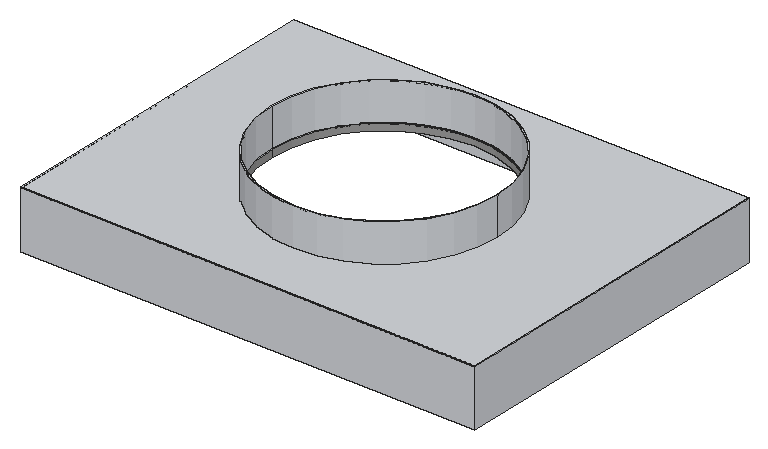
Revit family "TR", category Mechanical Equipment, Revit 2015
Parameters
  Width ID = 2' - 0"
  URL = "https://unitedenertech.com/catalog/pdf/I_1%20MODEL%20TR,%20TR-2,%20DSC-L.pdf"
  Type Comments = "Consult Factory for Max. Sizes"
  Sound Lined (TR-L) = yes
  Radius O [instance] = Diameter OD / 2  # 0' - 6"
  Radius I [instance] = Radius O - 0' 0 1/32"  # 0' - 5 31/32"
  Model = "TR / TR-L"
  Manufacturer = "United Enertech Corporation"
  Length ID = 1' - 6"
  Diameter OD = 1' - 0"
  Description = "Square to Round Transition"
Reference planes (in)
  plane 1 "Center (Front/Back)": y = 0
  plane 2: z = 0
  plane 3 "Center (Left/Right)": x = 0
  plane 4: y = 9
  plane 5: y = -9
  plane 6: x = -12
  plane 7: x = 12
  plane 8: x = -12.04
  plane 9: y = -9.04
  plane 10: x = 12.04
  plane 11: y = 9.04
  plane 12: x = -6
  plane 13: x = 6
  plane 14: z = 3
  plane 15: z = 5.04
  plane 16: z = 3.04
  plane 17: z = 2.625
Forms (in)
  Extrusion 1, solid
    sketch origin (0, 0, 0) x (1, 0, 0) y (0, 1, 0)
      loop
        line (-12.04, -9.04) -> (12.04, -9.04) -> (12.04, 9.04) -> (-12.04, 9.04) -> (-12.04, -9.04)
      loop
        line (-12, -9) -> (12, -9) -> (12, 9) -> (-12, 9) -> (-12, -9)
    from 0 to 3
  Extrusion 2, solid, material "Rigid insulation", visible <- "Sound Lined (TR-L)"
    sketch origin (0, 0, 0) x (1, 0, 0) y (0, 1, 0)
      loop
        line (-12, -9) -> (12, -9) -> (12, 9) -> (-12, 9) -> (-12, -9)
      loop
        circle (0, 0) r 5.96875
    from 2.625 to 3
  Extrusion 3, solid
    sketch origin (0, 0, 0) x (1, 0, 0) y (0, 1, 0)
      loop
        line (-12.04, -9.04) -> (12.04, -9.04) -> (12.04, 9.04) -> (-12.04, 9.04) -> (-12.04, -9.04)
      loop
        circle (0, 0) r 5.96875
    from 3 to 3.04
  Extrusion 4, solid
    sketch origin (0, 0, 0) x (1, 0, 0) y (0, 1, 0)
      loop
        circle (0, 0) r 6
      loop
        circle (0, 0) r 5.96875
    from 3.04 to 5.04
Dimensions and locks (in)
  equal spacing: plane 6, plane 3 "Center (Left/Right)", plane 7
  "Width ID": plane 6 to plane 7
  equal spacing: plane 4, plane 1 "Center (Front/Back)", plane 5
  "Length ID": plane 4 to plane 5
  locked: plane 11 to plane 4 at 0.04
  locked: plane 5 to plane 9 at 0.04
  locked: plane 8 to plane 6 at 0.04
  locked: plane 7 to plane 10 at 0.04
  equal spacing: plane 12, plane 3 "Center (Left/Right)", plane 13
  "Diameter OD": plane 12 to plane 13
  locked: plane 14 to level at 3
  locked: plane 16 to plane 14 at 0.04
  locked: plane 15 to plane 16 at 2
  locked: plane 14 to plane 17 at 0.375
  "Radius I": radius of Extrusion 2 sketch curve
  "Radius I": radius of Extrusion 3 sketch curve
  "Radius I": radius of Extrusion 4 sketch curve
  "Radius O": radius of Extrusion 4 sketch curve
  aligned and locked: level to plane 2
  aligned and locked: Extrusion 1 sketch curve to plane 8
  aligned and locked: Extrusion 1 sketch curve to plane 9
  aligned and locked: Extrusion 1 sketch curve to plane 11
  aligned and locked: Extrusion 1 sketch curve to plane 10
  aligned and locked: Extrusion 1 sketch curve to plane 7
  aligned and locked: plane 4 to Extrusion 1 sketch curve
  aligned and locked: Extrusion 1 sketch curve to plane 5
  aligned and locked: Extrusion 1 sketch curve to plane 6
  aligned and locked: plane 14 to Extrusion 1
  aligned and locked: Extrusion 1 to level
  aligned and locked: Extrusion 2 sketch curve to plane 6
  aligned and locked: Extrusion 2 sketch curve to plane 5
  aligned and locked: Extrusion 2 sketch curve to plane 7
  aligned and locked: plane 4 to Extrusion 2 sketch curve
  aligned and locked: plane 14 to Extrusion 2
  aligned and locked: Extrusion 3 sketch curve to plane 8
  aligned and locked: Extrusion 3 sketch curve to plane 9
  aligned and locked: Extrusion 3 sketch curve to plane 11
  aligned and locked: Extrusion 3 sketch curve to plane 10
  aligned and locked: Extrusion 3 to plane 14
  aligned and locked: plane 16 to Extrusion 3
  aligned and locked: Extrusion 4 to plane 16
  aligned and locked: plane 15 to Extrusion 4
Automatic sketch dimensions
  plane 1 "Center (Front/Back)" to Extrusion 2 sketch curve = 0' - 0"
  Extrusion 2 sketch curve to plane 3 "Center (Left/Right)" = 0' - 0"
  plane 1 "Center (Front/Back)" to Extrusion 3 sketch curve = 0' - 0"
  Extrusion 3 sketch curve to plane 3 "Center (Left/Right)" = 0' - 0"
  Extrusion 4 sketch curve to Extrusion 4 sketch curve = 0' - 0"  (x2)
  plane 1 "Center (Front/Back)" to Extrusion 4 sketch curve = 0' - 0"
  Extrusion 4 sketch curve to plane 3 "Center (Left/Right)" = 0' - 0"
